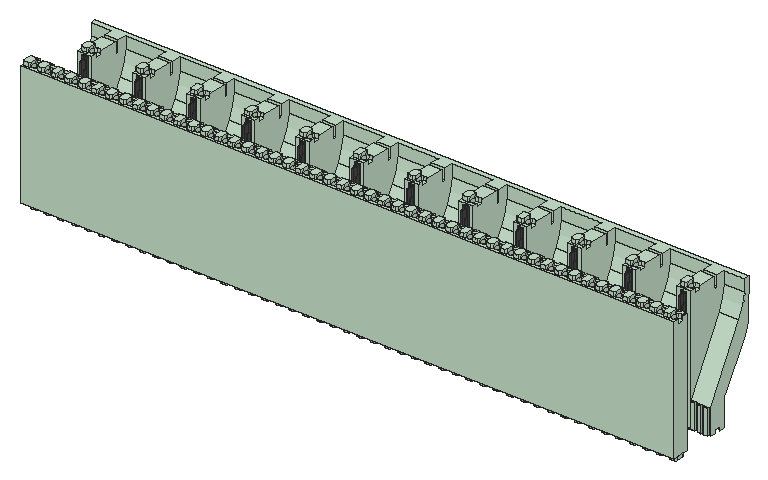
Revit family "ICF- NUDURA 4-inch- Brick Ledge Form Unit- Imperial", category Generic Models, Revit 2011
Parameters (values of type "Standard 6" Form Unit")
  Core Thickness = 0' - 6"
Reference planes (in)
  plane 1 "Center (Front/Back)": y = 0
  plane 2: z = 0
  plane 3 "Center (Left/Right)": x = 0
  plane 4: x = 96
  plane 5: y = 2
  plane 6: y = -2
  plane 7: y = 4.625
  plane 8: y = -4.625
  plane 9: z = 18
  plane 10: z = 18.5
  plane 11: z = -0.5
Forms (in)
  Extrusion 1, solid, material "NUDURA Expanded Polystyrene Foam Insulation"
    sketch origin (0, 0, 0) x (1, 0, 0) y (0, 1, 0)
      loop
        line (0.28117, -2.25) -> (0, -2.25) -> (0, -4.625) -> (96, -4.625) -> (96, -2.25) -> (95.71883, -2.25) -> (95.78117, -2) -> (95.21883, -2) -> (95.28117, -2.25) -> (94.71883, -2.25) -> (94.78117, -2) -> (94.21883, -2) -> (94.28117, -2.25) -> (93.71883, -2.25) -> (93.78117, -2) -> (93.21883, -2) -> (93.28117, -2.25) -> (90.71883, -2.25) -> (90.78117, -2) -> (90.21883, -2) -> (90.28117, -2.25) -> (89.71883, -2.25) -> (89.78117, -2) -> (89.21883, -2) -> (89.28117, -2.25) -> (88.71883, -2.25) -> (88.78117, -2) -> (88.21883, -2) -> (88.28117, -2.25) -> (87.71883, -2.25) -> (87.78117, -2) -> (87.21883, -2) -> (87.28117, -2.25) -> (86.71883, -2.25) -> (86.78117, -2) -> (86.21883, -2) -> (86.28117, -2.25) -> (85.71883, -2.25) -> (85.78117, -2) -> (85.21883, -2) -> (85.28117, -2.25) -> (82.71883, -2.25) -> (82.78117, -2) -> (82.21883, -2) -> (82.28117, -2.25) -> (81.71883, -2.25) -> (81.78117, -2) -> (81.21883, -2) -> (81.28117, -2.25) -> (80.71883, -2.25) -> (80.78117, -2) -> (80.21883, -2) -> (80.28117, -2.25) -> (79.71883, -2.25) -> (79.78117, -2) -> (79.21883, -2) -> (79.28117, -2.25) -> (78.71883, -2.25) -> (78.78117, -2) -> (78.21883, -2) -> (78.28117, -2.25) -> (77.71883, -2.25) -> (77.78117, -2) -> (77.21883, -2) -> (77.28117, -2.25) -> (74.71883, -2.25) -> (74.78117, -2) -> (74.21883, -2) -> (74.28117, -2.25) -> (73.71883, -2.25) -> (73.78117, -2) -> (73.21883, -2) -> (73.28117, -2.25) -> (72.71883, -2.25) -> (72.78117, -2) -> (72.21883, -2) -> (72.28117, -2.25) -> (71.71883, -2.25) -> (71.78117, -2) -> (71.21883, -2) -> (71.28117, -2.25) -> (70.71883, -2.25) -> (70.78117, -2) -> (70.21883, -2) -> (70.28117, -2.25) -> (69.71883, -2.25) -> (69.78117, -2) -> (69.21883, -2) -> (69.28117, -2.25) -> (66.71883, -2.25) -> (66.78117, -2) -> (66.21883, -2) -> (66.28117, -2.25) -> (65.71883, -2.25) -> (65.78117, -2) -> (65.21883, -2) -> (65.28117, -2.25) -> (64.71883, -2.25) -> (64.78117, -2) -> (64.21883, -2) -> (64.28117, -2.25) -> (63.71883, -2.25) -> (63.78117, -2) -> (63.21883, -2) -> (63.28117, -2.25) -> (62.71883, -2.25) -> (62.78117, -2) -> (62.21883, -2) -> (62.28117, -2.25) -> (61.71883, -2.25) -> (61.78117, -2) -> (61.21883, -2) -> (61.28117, -2.25) -> (58.71883, -2.25) -> (58.78117, -2) -> (58.21883, -2) -> (58.28117, -2.25) -> (57.71883, -2.25) -> (57.78117, -2) -> (57.21883, -2) -> (57.28117, -2.25) -> (56.71883, -2.25) -> (56.78117, -2) -> (56.21883, -2) -> (56.28117, -2.25) -> (55.71883, -2.25) -> (55.78117, -2) -> (55.21883, -2) -> (55.28117, -2.25) -> (54.71883, -2.25) -> (54.78117, -2) -> (54.21883, -2) -> (54.28117, -2.25) -> (53.71883, -2.25) -> (53.78117, -2) -> (53.21883, -2) -> (53.28117, -2.25) -> (50.71883, -2.25) -> (50.78117, -2) -> (50.21883, -2) -> (50.28117, -2.25) -> (49.71883, -2.25) -> (49.78117, -2) -> (49.21883, -2) -> (49.28117, -2.25) -> (48.71883, -2.25) -> (48.78117, -2) -> (48.21883, -2) -> (48.28117, -2.25) -> (47.71883, -2.25) -> (47.78117, -2) -> (47.21883, -2) -> (47.28117, -2.25) -> (46.71883, -2.25) -> (46.78117, -2) -> (46.21883, -2) -> (46.28117, -2.25) -> (45.71883, -2.25) -> (45.78117, -2) -> (45.21883, -2) -> (45.28117, -2.25) -> (42.71883, -2.25) -> (42.78117, -2) -> (42.21883, -2) -> (42.28117, -2.25) -> (41.71883, -2.25) -> (41.78117, -2) -> (41.21883, -2) -> (41.28117, -2.25) -> (40.71883, -2.25) -> (40.78117, -2) -> (40.21883, -2) -> (40.28117, -2.25) -> (39.71883, -2.25) -> (39.78117, -2) -> (39.21883, -2) -> (39.28117, -2.25) -> (38.71883, -2.25) -> (38.78117, -2) -> (38.21883, -2) -> (38.28117, -2.25) -> (37.71883, -2.25) -> (37.78117, -2) -> (37.21883, -2) -> (37.28117, -2.25) -> (34.71883, -2.25) -> (34.78117, -2) -> (34.21883, -2) -> (34.28117, -2.25) -> (33.71883, -2.25) -> (33.78117, -2) -> (33.21883, -2) -> (33.28117, -2.25) -> (32.71883, -2.25) -> (32.78117, -2) -> (32.21883, -2) -> (32.28117, -2.25) -> (31.71883, -2.25) -> (31.78117, -2) -> (31.21883, -2) -> (31.28117, -2.25) -> (30.71883, -2.25) -> (30.78117, -2) -> (30.21883, -2) -> (30.28117, -2.25) -> (29.71883, -2.25) -> (29.78117, -2) -> (29.21883, -2) -> (29.28117, -2.25) -> (26.71883, -2.25) -> (26.78117, -2) -> (26.21883, -2) -> (26.28117, -2.25) -> (25.71883, -2.25) -> (25.78117, -2) -> (25.21883, -2) -> (25.28117, -2.25) -> (24.71883, -2.25) -> (24.78117, -2) -> (24.21883, -2) -> (24.28117, -2.25) -> (23.71883, -2.25) -> (23.78117, -2) -> (23.21883, -2) -> (23.28117, -2.25) -> (22.71883, -2.25) -> (22.78117, -2) -> (22.21883, -2) -> (22.28117, -2.25) -> (21.71883, -2.25) -> (21.78117, -2) -> (21.21883, -2) -> (21.28117, -2.25) -> (18.71883, -2.25) -> (18.78117, -2) -> (18.21883, -2) -> (18.28117, -2.25) -> (17.71883, -2.25) -> (17.78117, -2) -> (17.21883, -2) -> (17.28117, -2.25) -> (16.71883, -2.25) -> (16.78117, -2) -> (16.21883, -2) -> (16.28117, -2.25) -> (15.71883, -2.25) -> (15.78117, -2) -> (15.21883, -2) -> (15.28117, -2.25) -> (14.71883, -2.25) -> (14.78117, -2) -> (14.21883, -2) -> (14.28117, -2.25) -> (13.71883, -2.25) -> (13.78117, -2) -> (13.21883, -2) -> (13.28117, -2.25) -> (10.71883, -2.25) -> (10.78117, -2) -> (10.21883, -2) -> (10.28117, -2.25) -> (9.71883, -2.25) -> (9.78117, -2) -> (9.21883, -2) -> (9.28117, -2.25) -> (8.71883, -2.25) -> (8.78117, -2) -> (8.21883, -2) -> (8.28117, -2.25) -> (7.71883, -2.25) -> (7.78117, -2) -> (7.21883, -2) -> (7.28117, -2.25) -> (6.71883, -2.25) -> (6.78117, -2) -> (6.21883, -2) -> (6.28117, -2.25) -> (5.71883, -2.25) -> (5.78117, -2) -> (5.21883, -2) -> (5.28117, -2.25) -> (2.71883, -2.25) -> (2.78117, -2) -> (2.21883, -2) -> (2.28117, -2.25) -> (1.71883, -2.25) -> (1.78117, -2) -> (1.21883, -2) -> (1.28117, -2.25) -> (0.71883, -2.25) -> (0.78117, -2) -> (0.21883, -2) -> (0.28117, -2.25)
    from 0 to 18
  Extrusion 2, void
    sketch origin (0, 1, 0) x (1, 0, 0) y (0, 1, 0)
      loop
        arc (1, -4.89808) -> (1.04785, -5.04517) -> (1.17308, -5.13595) r 0.25
        arc (1.17308, -5.13595) -> (1.5, -5.1875) -> (1.82692, -5.13595) r 1.0625
        arc (1.82692, -5.13595) -> (1.95215, -5.04517) -> (2, -4.89808) r 0.25
        line (2, -4.89808) -> (2, -3.97692)
        arc (2, -3.97692) -> (1.98276, -3.88568) -> (1.9334, -3.80702) r 0.25
        arc (1.9334, -3.80702) -> (1.92106, -3.78736) -> (1.91675, -3.76455) r 0.0625
        line (1.91675, -3.76455) -> (1.91675, -3.41845) -> (1.74592, -3.41845) -> (1.74592, -3.64005)
        arc (1.74592, -3.64005) -> (1.72385, -3.68771) -> (1.67323, -3.70172) r 0.0625
        arc (1.67323, -3.70172) -> (1.42092, -3.69045) -> (1.17308, -3.73905) r 1.0625
        arc (1.17308, -3.73905) -> (1.04785, -3.82983) -> (1, -3.97692) r 0.25
        line (1, -3.97692) -> (1, -4.89808)
    from 18 to 17.5
  Extrusion 3, void
    sketch origin (2, 1, 0) x (1, 0, 0) y (0, 1, 0)
      loop
        arc (1, -4.89808) -> (1.04785, -5.04517) -> (1.17308, -5.13595) r 0.25
        arc (1.17308, -5.13595) -> (1.5, -5.1875) -> (1.82692, -5.13595) r 1.0625
        arc (1.82692, -5.13595) -> (1.95215, -5.04517) -> (2, -4.89808) r 0.25
        line (2, -4.89808) -> (2, -3.97692)
        arc (2, -3.97692) -> (1.98276, -3.88568) -> (1.9334, -3.80702) r 0.25
        arc (1.9334, -3.80702) -> (1.92106, -3.78736) -> (1.91675, -3.76455) r 0.0625
        line (1.91675, -3.76455) -> (1.91675, -3.41845) -> (1.74592, -3.41845) -> (1.74592, -3.64005)
        arc (1.74592, -3.64005) -> (1.72385, -3.68771) -> (1.67323, -3.70172) r 0.0625
        arc (1.67323, -3.70172) -> (1.42092, -3.69045) -> (1.17308, -3.73905) r 1.0625
        arc (1.17308, -3.73905) -> (1.04785, -3.82983) -> (1, -3.97692) r 0.25
        line (1, -3.97692) -> (1, -4.89808)
    from 18 to 17.5
  Extrusion 4, void
    sketch origin (4, 1, 0) x (1, 0, 0) y (0, 1, 0)
      loop
        arc (1, -4.89808) -> (1.04785, -5.04517) -> (1.17308, -5.13595) r 0.25
        arc (1.17308, -5.13595) -> (1.5, -5.1875) -> (1.82692, -5.13595) r 1.0625
        arc (1.82692, -5.13595) -> (1.95215, -5.04517) -> (2, -4.89808) r 0.25
        line (2, -4.89808) -> (2, -3.97692)
        arc (2, -3.97692) -> (1.98276, -3.88568) -> (1.9334, -3.80702) r 0.25
        arc (1.9334, -3.80702) -> (1.92106, -3.78736) -> (1.91675, -3.76455) r 0.0625
        line (1.91675, -3.76455) -> (1.91675, -3.41845) -> (1.74592, -3.41845) -> (1.74592, -3.64005)
        arc (1.74592, -3.64005) -> (1.72385, -3.68771) -> (1.67323, -3.70172) r 0.0625
        arc (1.67323, -3.70172) -> (1.42092, -3.69045) -> (1.17308, -3.73905) r 1.0625
        arc (1.17308, -3.73905) -> (1.04785, -3.82983) -> (1, -3.97692) r 0.25
        line (1, -3.97692) -> (1, -4.89808)
    from 18 to 17.5
  Extrusion 5, void
    sketch origin (6, 1, 0) x (1, 0, 0) y (0, 1, 0)
      loop
        arc (1, -4.89808) -> (1.04785, -5.04517) -> (1.17308, -5.13595) r 0.25
        arc (1.17308, -5.13595) -> (1.5, -5.1875) -> (1.82692, -5.13595) r 1.0625
        arc (1.82692, -5.13595) -> (1.95215, -5.04517) -> (2, -4.89808) r 0.25
        line (2, -4.89808) -> (2, -3.97692)
        arc (2, -3.97692) -> (1.98276, -3.88568) -> (1.9334, -3.80702) r 0.25
        arc (1.9334, -3.80702) -> (1.92106, -3.78736) -> (1.91675, -3.76455) r 0.0625
        line (1.91675, -3.76455) -> (1.91675, -3.41845) -> (1.74592, -3.41845) -> (1.74592, -3.64005)
        arc (1.74592, -3.64005) -> (1.72385, -3.68771) -> (1.67323, -3.70172) r 0.0625
        arc (1.67323, -3.70172) -> (1.42092, -3.69045) -> (1.17308, -3.73905) r 1.0625
        arc (1.17308, -3.73905) -> (1.04785, -3.82983) -> (1, -3.97692) r 0.25
        line (1, -3.97692) -> (1, -4.89808)
    from 18 to 17.5
  Extrusion 6, void
    sketch origin (8, 1, 0) x (1, 0, 0) y (0, 1, 0)
      loop
        arc (1, -4.89808) -> (1.04785, -5.04517) -> (1.17308, -5.13595) r 0.25
        arc (1.17308, -5.13595) -> (1.5, -5.1875) -> (1.82692, -5.13595) r 1.0625
        arc (1.82692, -5.13595) -> (1.95215, -5.04517) -> (2, -4.89808) r 0.25
        line (2, -4.89808) -> (2, -3.97692)
        arc (2, -3.97692) -> (1.98276, -3.88568) -> (1.9334, -3.80702) r 0.25
        arc (1.9334, -3.80702) -> (1.92106, -3.78736) -> (1.91675, -3.76455) r 0.0625
        line (1.91675, -3.76455) -> (1.91675, -3.41845) -> (1.74592, -3.41845) -> (1.74592, -3.64005)
        arc (1.74592, -3.64005) -> (1.72385, -3.68771) -> (1.67323, -3.70172) r 0.0625
        arc (1.67323, -3.70172) -> (1.42092, -3.69045) -> (1.17308, -3.73905) r 1.0625
        arc (1.17308, -3.73905) -> (1.04785, -3.82983) -> (1, -3.97692) r 0.25
        line (1, -3.97692) -> (1, -4.89808)
    from 18 to 17.5
  Extrusion 7, void
    sketch origin (10, 1, 0) x (1, 0, 0) y (0, 1, 0)
      loop
        arc (1, -4.89808) -> (1.04785, -5.04517) -> (1.17308, -5.13595) r 0.25
        arc (1.17308, -5.13595) -> (1.5, -5.1875) -> (1.82692, -5.13595) r 1.0625
        arc (1.82692, -5.13595) -> (1.95215, -5.04517) -> (2, -4.89808) r 0.25
        line (2, -4.89808) -> (2, -3.97692)
        arc (2, -3.97692) -> (1.98276, -3.88568) -> (1.9334, -3.80702) r 0.25
        arc (1.9334, -3.80702) -> (1.92106, -3.78736) -> (1.91675, -3.76455) r 0.0625
        line (1.91675, -3.76455) -> (1.91675, -3.41845) -> (1.74592, -3.41845) -> (1.74592, -3.64005)
        arc (1.74592, -3.64005) -> (1.72385, -3.68771) -> (1.67323, -3.70172) r 0.0625
        arc (1.67323, -3.70172) -> (1.42092, -3.69045) -> (1.17308, -3.73905) r 1.0625
        arc (1.17308, -3.73905) -> (1.04785, -3.82983) -> (1, -3.97692) r 0.25
        line (1, -3.97692) -> (1, -4.89808)
    from 18 to 17.5
  Extrusion 8, void
    sketch origin (12, 1, 0) x (1, 0, 0) y (0, 1, 0)
      loop
        arc (1, -4.89808) -> (1.04785, -5.04517) -> (1.17308, -5.13595) r 0.25
        arc (1.17308, -5.13595) -> (1.5, -5.1875) -> (1.82692, -5.13595) r 1.0625
        arc (1.82692, -5.13595) -> (1.95215, -5.04517) -> (2, -4.89808) r 0.25
        line (2, -4.89808) -> (2, -3.97692)
        arc (2, -3.97692) -> (1.98276, -3.88568) -> (1.9334, -3.80702) r 0.25
        arc (1.9334, -3.80702) -> (1.92106, -3.78736) -> (1.91675, -3.76455) r 0.0625
        line (1.91675, -3.76455) -> (1.91675, -3.41845) -> (1.74592, -3.41845) -> (1.74592, -3.64005)
        arc (1.74592, -3.64005) -> (1.72385, -3.68771) -> (1.67323, -3.70172) r 0.0625
        arc (1.67323, -3.70172) -> (1.42092, -3.69045) -> (1.17308, -3.73905) r 1.0625
        arc (1.17308, -3.73905) -> (1.04785, -3.82983) -> (1, -3.97692) r 0.25
        line (1, -3.97692) -> (1, -4.89808)
    from 18 to 17.5
  Extrusion 9, void
    sketch origin (14, 1, 0) x (1, 0, 0) y (0, 1, 0)
      loop
        arc (1, -4.89808) -> (1.04785, -5.04517) -> (1.17308, -5.13595) r 0.25
        arc (1.17308, -5.13595) -> (1.5, -5.1875) -> (1.82692, -5.13595) r 1.0625
        arc (1.82692, -5.13595) -> (1.95215, -5.04517) -> (2, -4.89808) r 0.25
        line (2, -4.89808) -> (2, -3.97692)
        arc (2, -3.97692) -> (1.98276, -3.88568) -> (1.9334, -3.80702) r 0.25
        arc (1.9334, -3.80702) -> (1.92106, -3.78736) -> (1.91675, -3.76455) r 0.0625
        line (1.91675, -3.76455) -> (1.91675, -3.41845) -> (1.74592, -3.41845) -> (1.74592, -3.64005)
        arc (1.74592, -3.64005) -> (1.72385, -3.68771) -> (1.67323, -3.70172) r 0.0625
        arc (1.67323, -3.70172) -> (1.42092, -3.69045) -> (1.17308, -3.73905) r 1.0625
        arc (1.17308, -3.73905) -> (1.04785, -3.82983) -> (1, -3.97692) r 0.25
        line (1, -3.97692) -> (1, -4.89808)
    from 18 to 17.5
  Extrusion 10, void
    sketch origin (16, 1, 0) x (1, 0, 0) y (0, 1, 0)
      loop
        arc (1, -4.89808) -> (1.04785, -5.04517) -> (1.17308, -5.13595) r 0.25
        arc (1.17308, -5.13595) -> (1.5, -5.1875) -> (1.82692, -5.13595) r 1.0625
        arc (1.82692, -5.13595) -> (1.95215, -5.04517) -> (2, -4.89808) r 0.25
        line (2, -4.89808) -> (2, -3.97692)
        arc (2, -3.97692) -> (1.98276, -3.88568) -> (1.9334, -3.80702) r 0.25
        arc (1.9334, -3.80702) -> (1.92106, -3.78736) -> (1.91675, -3.76455) r 0.0625
        line (1.91675, -3.76455) -> (1.91675, -3.41845) -> (1.74592, -3.41845) -> (1.74592, -3.64005)
        arc (1.74592, -3.64005) -> (1.72385, -3.68771) -> (1.67323, -3.70172) r 0.0625
        arc (1.67323, -3.70172) -> (1.42092, -3.69045) -> (1.17308, -3.73905) r 1.0625
        arc (1.17308, -3.73905) -> (1.04785, -3.82983) -> (1, -3.97692) r 0.25
        line (1, -3.97692) -> (1, -4.89808)
    from 18 to 17.5
  Extrusion 11, void
    sketch origin (18, 1, 0) x (1, 0, 0) y (0, 1, 0)
      loop
        arc (1, -4.89808) -> (1.04785, -5.04517) -> (1.17308, -5.13595) r 0.25
        arc (1.17308, -5.13595) -> (1.5, -5.1875) -> (1.82692, -5.13595) r 1.0625
        arc (1.82692, -5.13595) -> (1.95215, -5.04517) -> (2, -4.89808) r 0.25
        line (2, -4.89808) -> (2, -3.97692)
        arc (2, -3.97692) -> (1.98276, -3.88568) -> (1.9334, -3.80702) r 0.25
        arc (1.9334, -3.80702) -> (1.92106, -3.78736) -> (1.91675, -3.76455) r 0.0625
        line (1.91675, -3.76455) -> (1.91675, -3.41845) -> (1.74592, -3.41845) -> (1.74592, -3.64005)
        arc (1.74592, -3.64005) -> (1.72385, -3.68771) -> (1.67323, -3.70172) r 0.0625
        arc (1.67323, -3.70172) -> (1.42092, -3.69045) -> (1.17308, -3.73905) r 1.0625
        arc (1.17308, -3.73905) -> (1.04785, -3.82983) -> (1, -3.97692) r 0.25
        line (1, -3.97692) -> (1, -4.89808)
    from 18 to 17.5
  Extrusion 12, void
    sketch origin (20, 1, 0) x (1, 0, 0) y (0, 1, 0)
      loop
        arc (1, -4.89808) -> (1.04785, -5.04517) -> (1.17308, -5.13595) r 0.25
        arc (1.17308, -5.13595) -> (1.5, -5.1875) -> (1.82692, -5.13595) r 1.0625
        arc (1.82692, -5.13595) -> (1.95215, -5.04517) -> (2, -4.89808) r 0.25
        line (2, -4.89808) -> (2, -3.97692)
        arc (2, -3.97692) -> (1.98276, -3.88568) -> (1.9334, -3.80702) r 0.25
        arc (1.9334, -3.80702) -> (1.92106, -3.78736) -> (1.91675, -3.76455) r 0.0625
        line (1.91675, -3.76455) -> (1.91675, -3.41845) -> (1.74592, -3.41845) -> (1.74592, -3.64005)
        arc (1.74592, -3.64005) -> (1.72385, -3.68771) -> (1.67323, -3.70172) r 0.0625
        arc (1.67323, -3.70172) -> (1.42092, -3.69045) -> (1.17308, -3.73905) r 1.0625
        arc (1.17308, -3.73905) -> (1.04785, -3.82983) -> (1, -3.97692) r 0.25
        line (1, -3.97692) -> (1, -4.89808)
    from 18 to 17.5
  Extrusion 13, void
    sketch origin (22, 1, 0) x (1, 0, 0) y (0, 1, 0)
      loop
        arc (1, -4.89808) -> (1.04785, -5.04517) -> (1.17308, -5.13595) r 0.25
        arc (1.17308, -5.13595) -> (1.5, -5.1875) -> (1.82692, -5.13595) r 1.0625
        arc (1.82692, -5.13595) -> (1.95215, -5.04517) -> (2, -4.89808) r 0.25
        line (2, -4.89808) -> (2, -3.97692)
        arc (2, -3.97692) -> (1.98276, -3.88568) -> (1.9334, -3.80702) r 0.25
        arc (1.9334, -3.80702) -> (1.92106, -3.78736) -> (1.91675, -3.76455) r 0.0625
        line (1.91675, -3.76455) -> (1.91675, -3.41845) -> (1.74592, -3.41845) -> (1.74592, -3.64005)
        arc (1.74592, -3.64005) -> (1.72385, -3.68771) -> (1.67323, -3.70172) r 0.0625
        arc (1.67323, -3.70172) -> (1.42092, -3.69045) -> (1.17308, -3.73905) r 1.0625
        arc (1.17308, -3.73905) -> (1.04785, -3.82983) -> (1, -3.97692) r 0.25
        line (1, -3.97692) -> (1, -4.89808)
    from 18 to 17.5
  Extrusion 14, void
    sketch origin (24, 1, 0) x (1, 0, 0) y (0, 1, 0)
      loop
        arc (1, -4.89808) -> (1.04785, -5.04517) -> (1.17308, -5.13595) r 0.25
        arc (1.17308, -5.13595) -> (1.5, -5.1875) -> (1.82692, -5.13595) r 1.0625
        arc (1.82692, -5.13595) -> (1.95215, -5.04517) -> (2, -4.89808) r 0.25
        line (2, -4.89808) -> (2, -3.97692)
        arc (2, -3.97692) -> (1.98276, -3.88568) -> (1.9334, -3.80702) r 0.25
        arc (1.9334, -3.80702) -> (1.92106, -3.78736) -> (1.91675, -3.76455) r 0.0625
        line (1.91675, -3.76455) -> (1.91675, -3.41845) -> (1.74592, -3.41845) -> (1.74592, -3.64005)
        arc (1.74592, -3.64005) -> (1.72385, -3.68771) -> (1.67323, -3.70172) r 0.0625
        arc (1.67323, -3.70172) -> (1.42092, -3.69045) -> (1.17308, -3.73905) r 1.0625
        arc (1.17308, -3.73905) -> (1.04785, -3.82983) -> (1, -3.97692) r 0.25
        line (1, -3.97692) -> (1, -4.89808)
    from 18 to 17.5
  Extrusion 15, void
    sketch origin (26, 1, 0) x (1, 0, 0) y (0, 1, 0)
      loop
        arc (1, -4.89808) -> (1.04785, -5.04517) -> (1.17308, -5.13595) r 0.25
        arc (1.17308, -5.13595) -> (1.5, -5.1875) -> (1.82692, -5.13595) r 1.0625
        arc (1.82692, -5.13595) -> (1.95215, -5.04517) -> (2, -4.89808) r 0.25
        line (2, -4.89808) -> (2, -3.97692)
        arc (2, -3.97692) -> (1.98276, -3.88568) -> (1.9334, -3.80702) r 0.25
        arc (1.9334, -3.80702) -> (1.92106, -3.78736) -> (1.91675, -3.76455) r 0.0625
        line (1.91675, -3.76455) -> (1.91675, -3.41845) -> (1.74592, -3.41845) -> (1.74592, -3.64005)
        arc (1.74592, -3.64005) -> (1.72385, -3.68771) -> (1.67323, -3.70172) r 0.0625
        arc (1.67323, -3.70172) -> (1.42092, -3.69045) -> (1.17308, -3.73905) r 1.0625
        arc (1.17308, -3.73905) -> (1.04785, -3.82983) -> (1, -3.97692) r 0.25
        line (1, -3.97692) -> (1, -4.89808)
    from 18 to 17.5
  Extrusion 16, void
    sketch origin (28, 1, 0) x (1, 0, 0) y (0, 1, 0)
      loop
        arc (1, -4.89808) -> (1.04785, -5.04517) -> (1.17308, -5.13595) r 0.25
        arc (1.17308, -5.13595) -> (1.5, -5.1875) -> (1.82692, -5.13595) r 1.0625
        arc (1.82692, -5.13595) -> (1.95215, -5.04517) -> (2, -4.89808) r 0.25
        line (2, -4.89808) -> (2, -3.97692)
        arc (2, -3.97692) -> (1.98276, -3.88568) -> (1.9334, -3.80702) r 0.25
        arc (1.9334, -3.80702) -> (1.92106, -3.78736) -> (1.91675, -3.76455) r 0.0625
        line (1.91675, -3.76455) -> (1.91675, -3.41845) -> (1.74592, -3.41845) -> (1.74592, -3.64005)
        arc (1.74592, -3.64005) -> (1.72385, -3.68771) -> (1.67323, -3.70172) r 0.0625
        arc (1.67323, -3.70172) -> (1.42092, -3.69045) -> (1.17308, -3.73905) r 1.0625
        arc (1.17308, -3.73905) -> (1.04785, -3.82983) -> (1, -3.97692) r 0.25
        line (1, -3.97692) -> (1, -4.89808)
    from 18 to 17.5
  Extrusion 17, void
    sketch origin (30, 1, 0) x (1, 0, 0) y (0, 1, 0)
      loop
        arc (1, -4.89808) -> (1.04785, -5.04517) -> (1.17308, -5.13595) r 0.25
        arc (1.17308, -5.13595) -> (1.5, -5.1875) -> (1.82692, -5.13595) r 1.0625
        arc (1.82692, -5.13595) -> (1.95215, -5.04517) -> (2, -4.89808) r 0.25
        line (2, -4.89808) -> (2, -3.97692)
        arc (2, -3.97692) -> (1.98276, -3.88568) -> (1.9334, -3.80702) r 0.25
        arc (1.9334, -3.80702) -> (1.92106, -3.78736) -> (1.91675, -3.76455) r 0.0625
        line (1.91675, -3.76455) -> (1.91675, -3.41845) -> (1.74592, -3.41845) -> (1.74592, -3.64005)
        arc (1.74592, -3.64005) -> (1.72385, -3.68771) -> (1.67323, -3.70172) r 0.0625
        arc (1.67323, -3.70172) -> (1.42092, -3.69045) -> (1.17308, -3.73905) r 1.0625
        arc (1.17308, -3.73905) -> (1.04785, -3.82983) -> (1, -3.97692) r 0.25
        line (1, -3.97692) -> (1, -4.89808)
    from 18 to 17.5
  Extrusion 18, void
    sketch origin (32, 1, 0) x (1, 0, 0) y (0, 1, 0)
      loop
        arc (1, -4.89808) -> (1.04785, -5.04517) -> (1.17308, -5.13595) r 0.25
        arc (1.17308, -5.13595) -> (1.5, -5.1875) -> (1.82692, -5.13595) r 1.0625
        arc (1.82692, -5.13595) -> (1.95215, -5.04517) -> (2, -4.89808) r 0.25
        line (2, -4.89808) -> (2, -3.97692)
        arc (2, -3.97692) -> (1.98276, -3.88568) -> (1.9334, -3.80702) r 0.25
        arc (1.9334, -3.80702) -> (1.92106, -3.78736) -> (1.91675, -3.76455) r 0.0625
        line (1.91675, -3.76455) -> (1.91675, -3.41845) -> (1.74592, -3.41845) -> (1.74592, -3.64005)
        arc (1.74592, -3.64005) -> (1.72385, -3.68771) -> (1.67323, -3.70172) r 0.0625
        arc (1.67323, -3.70172) -> (1.42092, -3.69045) -> (1.17308, -3.73905) r 1.0625
        arc (1.17308, -3.73905) -> (1.04785, -3.82983) -> (1, -3.97692) r 0.25
        line (1, -3.97692) -> (1, -4.89808)
    from 18 to 17.5
  Extrusion 19, void
    sketch origin (34, 1, 0) x (1, 0, 0) y (0, 1, 0)
      loop
        arc (1, -4.89808) -> (1.04785, -5.04517) -> (1.17308, -5.13595) r 0.25
        arc (1.17308, -5.13595) -> (1.5, -5.1875) -> (1.82692, -5.13595) r 1.0625
        arc (1.82692, -5.13595) -> (1.95215, -5.04517) -> (2, -4.89808) r 0.25
        line (2, -4.89808) -> (2, -3.97692)
        arc (2, -3.97692) -> (1.98276, -3.88568) -> (1.9334, -3.80702) r 0.25
        arc (1.9334, -3.80702) -> (1.92106, -3.78736) -> (1.91675, -3.76455) r 0.0625
        line (1.91675, -3.76455) -> (1.91675, -3.41845) -> (1.74592, -3.41845) -> (1.74592, -3.64005)
        arc (1.74592, -3.64005) -> (1.72385, -3.68771) -> (1.67323, -3.70172) r 0.0625
        arc (1.67323, -3.70172) -> (1.42092, -3.69045) -> (1.17308, -3.73905) r 1.0625
        arc (1.17308, -3.73905) -> (1.04785, -3.82983) -> (1, -3.97692) r 0.25
        line (1, -3.97692) -> (1, -4.89808)
    from 18 to 17.5
  Extrusion 20, void
    sketch origin (36, 1, 0) x (1, 0, 0) y (0, 1, 0)
      loop
        arc (1, -4.89808) -> (1.04785, -5.04517) -> (1.17308, -5.13595) r 0.25
        arc (1.17308, -5.13595) -> (1.5, -5.1875) -> (1.82692, -5.13595) r 1.0625
        arc (1.82692, -5.13595) -> (1.95215, -5.04517) -> (2, -4.89808) r 0.25
        line (2, -4.89808) -> (2, -3.97692)
        arc (2, -3.97692) -> (1.98276, -3.88568) -> (1.9334, -3.80702) r 0.25
        arc (1.9334, -3.80702) -> (1.92106, -3.78736) -> (1.91675, -3.76455) r 0.0625
        line (1.91675, -3.76455) -> (1.91675, -3.41845) -> (1.74592, -3.41845) -> (1.74592, -3.64005)
        arc (1.74592, -3.64005) -> (1.72385, -3.68771) -> (1.67323, -3.70172) r 0.0625
        arc (1.67323, -3.70172) -> (1.42092, -3.69045) -> (1.17308, -3.73905) r 1.0625
        arc (1.17308, -3.73905) -> (1.04785, -3.82983) -> (1, -3.97692) r 0.25
        line (1, -3.97692) -> (1, -4.89808)
    from 18 to 17.5
  Extrusion 21, void
    sketch origin (38, 1, 0) x (1, 0, 0) y (0, 1, 0)
      loop
        arc (1, -4.89808) -> (1.04785, -5.04517) -> (1.17308, -5.13595) r 0.25
        arc (1.17308, -5.13595) -> (1.5, -5.1875) -> (1.82692, -5.13595) r 1.0625
        arc (1.82692, -5.13595) -> (1.95215, -5.04517) -> (2, -4.89808) r 0.25
        line (2, -4.89808) -> (2, -3.97692)
        arc (2, -3.97692) -> (1.98276, -3.88568) -> (1.9334, -3.80702) r 0.25
        arc (1.9334, -3.80702) -> (1.92106, -3.78736) -> (1.91675, -3.76455) r 0.0625
        line (1.91675, -3.76455) -> (1.91675, -3.41845) -> (1.74592, -3.41845) -> (1.74592, -3.64005)
        arc (1.74592, -3.64005) -> (1.72385, -3.68771) -> (1.67323, -3.70172) r 0.0625
        arc (1.67323, -3.70172) -> (1.42092, -3.69045) -> (1.17308, -3.73905) r 1.0625
        arc (1.17308, -3.73905) -> (1.04785, -3.82983) -> (1, -3.97692) r 0.25
        line (1, -3.97692) -> (1, -4.89808)
    from 18 to 17.5
  Extrusion 22, void
    sketch origin (40, 1, 0) x (1, 0, 0) y (0, 1, 0)
      loop
        arc (1, -4.89808) -> (1.04785, -5.04517) -> (1.17308, -5.13595) r 0.25
        arc (1.17308, -5.13595) -> (1.5, -5.1875) -> (1.82692, -5.13595) r 1.0625
        arc (1.82692, -5.13595) -> (1.95215, -5.04517) -> (2, -4.89808) r 0.25
        line (2, -4.89808) -> (2, -3.97692)
        arc (2, -3.97692) -> (1.98276, -3.88568) -> (1.9334, -3.80702) r 0.25
        arc (1.9334, -3.80702) -> (1.92106, -3.78736) -> (1.91675, -3.76455) r 0.0625
        line (1.91675, -3.76455) -> (1.91675, -3.41845) -> (1.74592, -3.41845) -> (1.74592, -3.64005)
        arc (1.74592, -3.64005) -> (1.72385, -3.68771) -> (1.67323, -3.70172) r 0.0625
        arc (1.67323, -3.70172) -> (1.42092, -3.69045) -> (1.17308, -3.73905) r 1.0625
        arc (1.17308, -3.73905) -> (1.04785, -3.82983) -> (1, -3.97692) r 0.25
        line (1, -3.97692) -> (1, -4.89808)
    from 18 to 17.5
  Extrusion 23, void
    sketch origin (42, 1, 0) x (1, 0, 0) y (0, 1, 0)
      loop
        arc (1, -4.89808) -> (1.04785, -5.04517) -> (1.17308, -5.13595) r 0.25
        arc (1.17308, -5.13595) -> (1.5, -5.1875) -> (1.82692, -5.13595) r 1.0625
        arc (1.82692, -5.13595) -> (1.95215, -5.04517) -> (2, -4.89808) r 0.25
        line (2, -4.89808) -> (2, -3.97692)
        arc (2, -3.97692) -> (1.98276, -3.88568) -> (1.9334, -3.80702) r 0.25
        arc (1.9334, -3.80702) -> (1.92106, -3.78736) -> (1.91675, -3.76455) r 0.0625
        line (1.91675, -3.76455) -> (1.91675, -3.41845) -> (1.74592, -3.41845) -> (1.74592, -3.64005)
        arc (1.74592, -3.64005) -> (1.72385, -3.68771) -> (1.67323, -3.70172) r 0.0625
        arc (1.67323, -3.70172) -> (1.42092, -3.69045) -> (1.17308, -3.73905) r 1.0625
        arc (1.17308, -3.73905) -> (1.04785, -3.82983) -> (1, -3.97692) r 0.25
        line (1, -3.97692) -> (1, -4.89808)
    from 18 to 17.5
  Extrusion 24, void
    sketch origin (44, 1, 0) x (1, 0, 0) y (0, 1, 0)
      loop
        arc (1, -4.89808) -> (1.04785, -5.04517) -> (1.17308, -5.13595) r 0.25
        arc (1.17308, -5.13595) -> (1.5, -5.1875) -> (1.82692, -5.13595) r 1.0625
        arc (1.82692, -5.13595) -> (1.95215, -5.04517) -> (2, -4.89808) r 0.25
        line (2, -4.89808) -> (2, -3.97692)
        arc (2, -3.97692) -> (1.98276, -3.88568) -> (1.9334, -3.80702) r 0.25
        arc (1.9334, -3.80702) -> (1.92106, -3.78736) -> (1.91675, -3.76455) r 0.0625
        line (1.91675, -3.76455) -> (1.91675, -3.41845) -> (1.74592, -3.41845) -> (1.74592, -3.64005)
        arc (1.74592, -3.64005) -> (1.72385, -3.68771) -> (1.67323, -3.70172) r 0.0625
        arc (1.67323, -3.70172) -> (1.42092, -3.69045) -> (1.17308, -3.73905) r 1.0625
        arc (1.17308, -3.73905) -> (1.04785, -3.82983) -> (1, -3.97692) r 0.25
        line (1, -3.97692) -> (1, -4.89808)
    from 18 to 17.5
  Extrusion 25, void
    sketch origin (46, 1, 0) x (1, 0, 0) y (0, 1, 0)
      loop
        arc (1, -4.89808) -> (1.04785, -5.04517) -> (1.17308, -5.13595) r 0.25
        arc (1.17308, -5.13595) -> (1.5, -5.1875) -> (1.82692, -5.13595) r 1.0625
        arc (1.82692, -5.13595) -> (1.95215, -5.04517) -> (2, -4.89808) r 0.25
        line (2, -4.89808) -> (2, -3.97692)
        arc (2, -3.97692) -> (1.98276, -3.88568) -> (1.9334, -3.80702) r 0.25
        arc (1.9334, -3.80702) -> (1.92106, -3.78736) -> (1.91675, -3.76455) r 0.0625
        line (1.91675, -3.76455) -> (1.91675, -3.41845) -> (1.74592, -3.41845) -> (1.74592, -3.64005)
        arc (1.74592, -3.64005) -> (1.72385, -3.68771) -> (1.67323, -3.70172) r 0.0625
        arc (1.67323, -3.70172) -> (1.42092, -3.69045) -> (1.17308, -3.73905) r 1.0625
        arc (1.17308, -3.73905) -> (1.04785, -3.82983) -> (1, -3.97692) r 0.25
        line (1, -3.97692) -> (1, -4.89808)
    from 18 to 17.5
  Extrusion 26, void
    sketch origin (48, 1, 0) x (1, 0, 0) y (0, 1, 0)
      loop
        arc (1, -4.89808) -> (1.04785, -5.04517) -> (1.17308, -5.13595) r 0.25
        arc (1.17308, -5.13595) -> (1.5, -5.1875) -> (1.82692, -5.13595) r 1.0625
        arc (1.82692, -5.13595) -> (1.95215, -5.04517) -> (2, -4.89808) r 0.25
        line (2, -4.89808) -> (2, -3.97692)
        arc (2, -3.97692) -> (1.98276, -3.88568) -> (1.9334, -3.80702) r 0.25
        arc (1.9334, -3.80702) -> (1.92106, -3.78736) -> (1.91675, -3.76455) r 0.0625
        line (1.91675, -3.76455) -> (1.91675, -3.41845) -> (1.74592, -3.41845) -> (1.74592, -3.64005)
        arc (1.74592, -3.64005) -> (1.72385, -3.68771) -> (1.67323, -3.70172) r 0.0625
        arc (1.67323, -3.70172) -> (1.42092, -3.69045) -> (1.17308, -3.73905) r 1.0625
        arc (1.17308, -3.73905) -> (1.04785, -3.82983) -> (1, -3.97692) r 0.25
        line (1, -3.97692) -> (1, -4.89808)
    from 18 to 17.5
  Extrusion 27, void
    sketch origin (50, 1, 0) x (1, 0, 0) y (0, 1, 0)
      loop
        arc (1, -4.89808) -> (1.04785, -5.04517) -> (1.17308, -5.13595) r 0.25
        arc (1.17308, -5.13595) -> (1.5, -5.1875) -> (1.82692, -5.13595) r 1.0625
        arc (1.82692, -5.13595) -> (1.95215, -5.04517) -> (2, -4.89808) r 0.25
        line (2, -4.89808) -> (2, -3.97692)
        arc (2, -3.97692) -> (1.98276, -3.88568) -> (1.9334, -3.80702) r 0.25
        arc (1.9334, -3.80702) -> (1.92106, -3.78736) -> (1.91675, -3.76455) r 0.0625
        line (1.91675, -3.76455) -> (1.91675, -3.41845) -> (1.74592, -3.41845) -> (1.74592, -3.64005)
        arc (1.74592, -3.64005) -> (1.72385, -3.68771) -> (1.67323, -3.70172) r 0.0625
        arc (1.67323, -3.70172) -> (1.42092, -3.69045) -> (1.17308, -3.73905) r 1.0625
        arc (1.17308, -3.73905) -> (1.04785, -3.82983) -> (1, -3.97692) r 0.25
        line (1, -3.97692) -> (1, -4.89808)
    from 18 to 17.5
  Extrusion 28, void
    sketch origin (52, 1, 0) x (1, 0, 0) y (0, 1, 0)
      loop
        arc (1, -4.89808) -> (1.04785, -5.04517) -> (1.17308, -5.13595) r 0.25
        arc (1.17308, -5.13595) -> (1.5, -5.1875) -> (1.82692, -5.13595) r 1.0625
        arc (1.82692, -5.13595) -> (1.95215, -5.04517) -> (2, -4.89808) r 0.25
        line (2, -4.89808) -> (2, -3.97692)
        arc (2, -3.97692) -> (1.98276, -3.88568) -> (1.9334, -3.80702) r 0.25
        arc (1.9334, -3.80702) -> (1.92106, -3.78736) -> (1.91675, -3.76455) r 0.0625
        line (1.91675, -3.76455) -> (1.91675, -3.41845) -> (1.74592, -3.41845) -> (1.74592, -3.64005)
        arc (1.74592, -3.64005) -> (1.72385, -3.68771) -> (1.67323, -3.70172) r 0.0625
        arc (1.67323, -3.70172) -> (1.42092, -3.69045) -> (1.17308, -3.73905) r 1.0625
        arc (1.17308, -3.73905) -> (1.04785, -3.82983) -> (1, -3.97692) r 0.25
        line (1, -3.97692) -> (1, -4.89808)
    from 18 to 17.5
  Extrusion 29, void
    sketch origin (54, 1, 0) x (1, 0, 0) y (0, 1, 0)
      loop
        arc (1, -4.89808) -> (1.04785, -5.04517) -> (1.17308, -5.13595) r 0.25
        arc (1.17308, -5.13595) -> (1.5, -5.1875) -> (1.82692, -5.13595) r 1.0625
        arc (1.82692, -5.13595) -> (1.95215, -5.04517) -> (2, -4.89808) r 0.25
        line (2, -4.89808) -> (2, -3.97692)
        arc (2, -3.97692) -> (1.98276, -3.88568) -> (1.9334, -3.80702) r 0.25
        arc (1.9334, -3.80702) -> (1.92106, -3.78736) -> (1.91675, -3.76455) r 0.0625
        line (1.91675, -3.76455) -> (1.91675, -3.41845) -> (1.74592, -3.41845) -> (1.74592, -3.64005)
        arc (1.74592, -3.64005) -> (1.72385, -3.68771) -> (1.67323, -3.70172) r 0.0625
        arc (1.67323, -3.70172) -> (1.42092, -3.69045) -> (1.17308, -3.73905) r 1.0625
        arc (1.17308, -3.73905) -> (1.04785, -3.82983) -> (1, -3.97692) r 0.25
        line (1, -3.97692) -> (1, -4.89808)
    from 18 to 17.5
  Extrusion 30, void
    sketch origin (56, 1, 0) x (1, 0, 0) y (0, 1, 0)
      loop
        arc (1, -4.89808) -> (1.04785, -5.04517) -> (1.17308, -5.13595) r 0.25
        arc (1.17308, -5.13595) -> (1.5, -5.1875) -> (1.82692, -5.13595) r 1.0625
        arc (1.82692, -5.13595) -> (1.95215, -5.04517) -> (2, -4.89808) r 0.25
        line (2, -4.89808) -> (2, -3.97692)
        arc (2, -3.97692) -> (1.98276, -3.88568) -> (1.9334, -3.80702) r 0.25
        arc (1.9334, -3.80702) -> (1.92106, -3.78736) -> (1.91675, -3.76455) r 0.0625
        line (1.91675, -3.76455) -> (1.91675, -3.41845) -> (1.74592, -3.41845) -> (1.74592, -3.64005)
        arc (1.74592, -3.64005) -> (1.72385, -3.68771) -> (1.67323, -3.70172) r 0.0625
        arc (1.67323, -3.70172) -> (1.42092, -3.69045) -> (1.17308, -3.73905) r 1.0625
        arc (1.17308, -3.73905) -> (1.04785, -3.82983) -> (1, -3.97692) r 0.25
        line (1, -3.97692) -> (1, -4.89808)
    from 18 to 17.5
  Extrusion 31, void
    sketch origin (58, 1, 0) x (1, 0, 0) y (0, 1, 0)
      loop
        arc (1, -4.89808) -> (1.04785, -5.04517) -> (1.17308, -5.13595) r 0.25
        arc (1.17308, -5.13595) -> (1.5, -5.1875) -> (1.82692, -5.13595) r 1.0625
        arc (1.82692, -5.13595) -> (1.95215, -5.04517) -> (2, -4.89808) r 0.25
        line (2, -4.89808) -> (2, -3.97692)
        arc (2, -3.97692) -> (1.98276, -3.88568) -> (1.9334, -3.80702) r 0.25
        arc (1.9334, -3.80702) -> (1.92106, -3.78736) -> (1.91675, -3.76455) r 0.0625
        line (1.91675, -3.76455) -> (1.91675, -3.41845) -> (1.74592, -3.41845) -> (1.74592, -3.64005)
        arc (1.74592, -3.64005) -> (1.72385, -3.68771) -> (1.67323, -3.70172) r 0.0625
        arc (1.67323, -3.70172) -> (1.42092, -3.69045) -> (1.17308, -3.73905) r 1.0625
        arc (1.17308, -3.73905) -> (1.04785, -3.82983) -> (1, -3.97692) r 0.25
        line (1, -3.97692) -> (1, -4.89808)
    from 18 to 17.5
  Extrusion 32, void
    sketch origin (60, 1, 0) x (1, 0, 0) y (0, 1, 0)
      loop
        arc (1, -4.89808) -> (1.04785, -5.04517) -> (1.17308, -5.13595) r 0.25
        arc (1.17308, -5.13595) -> (1.5, -5.1875) -> (1.82692, -5.13595) r 1.0625
        arc (1.82692, -5.13595) -> (1.95215, -5.04517) -> (2, -4.89808) r 0.25
        line (2, -4.89808) -> (2, -3.97692)
        arc (2, -3.97692) -> (1.98276, -3.88568) -> (1.9334, -3.80702) r 0.25
        arc (1.9334, -3.80702) -> (1.92106, -3.78736) -> (1.91675, -3.76455) r 0.0625
        line (1.91675, -3.76455) -> (1.91675, -3.41845) -> (1.74592, -3.41845) -> (1.74592, -3.64005)
        arc (1.74592, -3.64005) -> (1.72385, -3.68771) -> (1.67323, -3.70172) r 0.0625
        arc (1.67323, -3.70172) -> (1.42092, -3.69045) -> (1.17308, -3.73905) r 1.0625
        arc (1.17308, -3.73905) -> (1.04785, -3.82983) -> (1, -3.97692) r 0.25
        line (1, -3.97692) -> (1, -4.89808)
    from 18 to 17.5
  Extrusion 33, void
    sketch origin (62, 1, 0) x (1, 0, 0) y (0, 1, 0)
      loop
        arc (1, -4.89808) -> (1.04785, -5.04517) -> (1.17308, -5.13595) r 0.25
        arc (1.17308, -5.13595) -> (1.5, -5.1875) -> (1.82692, -5.13595) r 1.0625
        arc (1.82692, -5.13595) -> (1.95215, -5.04517) -> (2, -4.89808) r 0.25
        line (2, -4.89808) -> (2, -3.97692)
        arc (2, -3.97692) -> (1.98276, -3.88568) -> (1.9334, -3.80702) r 0.25
        arc (1.9334, -3.80702) -> (1.92106, -3.78736) -> (1.91675, -3.76455) r 0.0625
        line (1.91675, -3.76455) -> (1.91675, -3.41845) -> (1.74592, -3.41845) -> (1.74592, -3.64005)
        arc (1.74592, -3.64005) -> (1.72385, -3.68771) -> (1.67323, -3.70172) r 0.0625
        arc (1.67323, -3.70172) -> (1.42092, -3.69045) -> (1.17308, -3.73905) r 1.0625
        arc (1.17308, -3.73905) -> (1.04785, -3.82983) -> (1, -3.97692) r 0.25
        line (1, -3.97692) -> (1, -4.89808)
    from 18 to 17.5
  Extrusion 34, void
    sketch origin (64, 1, 0) x (1, 0, 0) y (0, 1, 0)
      loop
        arc (1, -4.89808) -> (1.04785, -5.04517) -> (1.17308, -5.13595) r 0.25
        arc (1.17308, -5.13595) -> (1.5, -5.1875) -> (1.82692, -5.13595) r 1.0625
        arc (1.82692, -5.13595) -> (1.95215, -5.04517) -> (2, -4.89808) r 0.25
        line (2, -4.89808) -> (2, -3.97692)
        arc (2, -3.97692) -> (1.98276, -3.88568) -> (1.9334, -3.80702) r 0.25
        arc (1.9334, -3.80702) -> (1.92106, -3.78736) -> (1.91675, -3.76455) r 0.0625
        line (1.91675, -3.76455) -> (1.91675, -3.41845) -> (1.74592, -3.41845) -> (1.74592, -3.64005)
        arc (1.74592, -3.64005) -> (1.72385, -3.68771) -> (1.67323, -3.70172) r 0.0625
        arc (1.67323, -3.70172) -> (1.42092, -3.69045) -> (1.17308, -3.73905) r 1.0625
        arc (1.17308, -3.73905) -> (1.04785, -3.82983) -> (1, -3.97692) r 0.25
        line (1, -3.97692) -> (1, -4.89808)
    from 18 to 17.5
  Extrusion 35, void
    sketch origin (66, 1, 0) x (1, 0, 0) y (0, 1, 0)
      loop
        arc (1, -4.89808) -> (1.04785, -5.04517) -> (1.17308, -5.13595) r 0.25
        arc (1.17308, -5.13595) -> (1.5, -5.1875) -> (1.82692, -5.13595) r 1.0625
        arc (1.82692, -5.13595) -> (1.95215, -5.04517) -> (2, -4.89808) r 0.25
        line (2, -4.89808) -> (2, -3.97692)
        arc (2, -3.97692) -> (1.98276, -3.88568) -> (1.9334, -3.80702) r 0.25
        arc (1.9334, -3.80702) -> (1.92106, -3.78736) -> (1.91675, -3.76455) r 0.0625
        line (1.91675, -3.76455) -> (1.91675, -3.41845) -> (1.74592, -3.41845) -> (1.74592, -3.64005)
        arc (1.74592, -3.64005) -> (1.72385, -3.68771) -> (1.67323, -3.70172) r 0.0625
        arc (1.67323, -3.70172) -> (1.42092, -3.69045) -> (1.17308, -3.73905) r 1.0625
        arc (1.17308, -3.73905) -> (1.04785, -3.82983) -> (1, -3.97692) r 0.25
        line (1, -3.97692) -> (1, -4.89808)
    from 18 to 17.5
  Extrusion 36, void
    sketch origin (68, 1, 0) x (1, 0, 0) y (0, 1, 0)
      loop
        arc (1, -4.89808) -> (1.04785, -5.04517) -> (1.17308, -5.13595) r 0.25
        arc (1.17308, -5.13595) -> (1.5, -5.1875) -> (1.82692, -5.13595) r 1.0625
        arc (1.82692, -5.13595) -> (1.95215, -5.04517) -> (2, -4.89808) r 0.25
        line (2, -4.89808) -> (2, -3.97692)
        arc (2, -3.97692) -> (1.98276, -3.88568) -> (1.9334, -3.80702) r 0.25
        arc (1.9334, -3.80702) -> (1.92106, -3.78736) -> (1.91675, -3.76455) r 0.0625
        line (1.91675, -3.76455) -> (1.91675, -3.41845) -> (1.74592, -3.41845) -> (1.74592, -3.64005)
        arc (1.74592, -3.64005) -> (1.72385, -3.68771) -> (1.67323, -3.70172) r 0.0625
        arc (1.67323, -3.70172) -> (1.42092, -3.69045) -> (1.17308, -3.73905) r 1.0625
        arc (1.17308, -3.73905) -> (1.04785, -3.82983) -> (1, -3.97692) r 0.25
        line (1, -3.97692) -> (1, -4.89808)
    from 18 to 17.5
  Extrusion 37, void
    sketch origin (70, 1, 0) x (1, 0, 0) y (0, 1, 0)
      loop
        arc (1, -4.89808) -> (1.04785, -5.04517) -> (1.17308, -5.13595) r 0.25
        arc (1.17308, -5.13595) -> (1.5, -5.1875) -> (1.82692, -5.13595) r 1.0625
        arc (1.82692, -5.13595) -> (1.95215, -5.04517) -> (2, -4.89808) r 0.25
        line (2, -4.89808) -> (2, -3.97692)
        arc (2, -3.97692) -> (1.98276, -3.88568) -> (1.9334, -3.80702) r 0.25
        arc (1.9334, -3.80702) -> (1.92106, -3.78736) -> (1.91675, -3.76455) r 0.0625
        line (1.91675, -3.76455) -> (1.91675, -3.41845) -> (1.74592, -3.41845) -> (1.74592, -3.64005)
        arc (1.74592, -3.64005) -> (1.72385, -3.68771) -> (1.67323, -3.70172) r 0.0625
        arc (1.67323, -3.70172) -> (1.42092, -3.69045) -> (1.17308, -3.73905) r 1.0625
        arc (1.17308, -3.73905) -> (1.04785, -3.82983) -> (1, -3.97692) r 0.25
        line (1, -3.97692) -> (1, -4.89808)
    from 18 to 17.5
  Extrusion 38, void
    sketch origin (72, 1, 0) x (1, 0, 0) y (0, 1, 0)
      loop
        arc (1, -4.89808) -> (1.04785, -5.04517) -> (1.17308, -5.13595) r 0.25
        arc (1.17308, -5.13595) -> (1.5, -5.1875) -> (1.82692, -5.13595) r 1.0625
        arc (1.82692, -5.13595) -> (1.95215, -5.04517) -> (2, -4.89808) r 0.25
        line (2, -4.89808) -> (2, -3.97692)
        arc (2, -3.97692) -> (1.98276, -3.88568) -> (1.9334, -3.80702) r 0.25
        arc (1.9334, -3.80702) -> (1.92106, -3.78736) -> (1.91675, -3.76455) r 0.0625
        line (1.91675, -3.76455) -> (1.91675, -3.41845) -> (1.74592, -3.41845) -> (1.74592, -3.64005)
        arc (1.74592, -3.64005) -> (1.72385, -3.68771) -> (1.67323, -3.70172) r 0.0625
        arc (1.67323, -3.70172) -> (1.42092, -3.69045) -> (1.17308, -3.73905) r 1.0625
        arc (1.17308, -3.73905) -> (1.04785, -3.82983) -> (1, -3.97692) r 0.25
        line (1, -3.97692) -> (1, -4.89808)
    from 18 to 17.5
  Extrusion 39, void
    sketch origin (74, 1, 0) x (1, 0, 0) y (0, 1, 0)
      loop
        arc (1, -4.89808) -> (1.04785, -5.04517) -> (1.17308, -5.13595) r 0.25
        arc (1.17308, -5.13595) -> (1.5, -5.1875) -> (1.82692, -5.13595) r 1.0625
        arc (1.82692, -5.13595) -> (1.95215, -5.04517) -> (2, -4.89808) r 0.25
        line (2, -4.89808) -> (2, -3.97692)
        arc (2, -3.97692) -> (1.98276, -3.88568) -> (1.9334, -3.80702) r 0.25
        arc (1.9334, -3.80702) -> (1.92106, -3.78736) -> (1.91675, -3.76455) r 0.0625
        line (1.91675, -3.76455) -> (1.91675, -3.41845) -> (1.74592, -3.41845) -> (1.74592, -3.64005)
        arc (1.74592, -3.64005) -> (1.72385, -3.68771) -> (1.67323, -3.70172) r 0.0625
        arc (1.67323, -3.70172) -> (1.42092, -3.69045) -> (1.17308, -3.73905) r 1.0625
        arc (1.17308, -3.73905) -> (1.04785, -3.82983) -> (1, -3.97692) r 0.25
        line (1, -3.97692) -> (1, -4.89808)
    from 18 to 17.5
  Extrusion 40, void
    sketch origin (76, 1, 0) x (1, 0, 0) y (0, 1, 0)
      loop
        arc (1, -4.89808) -> (1.04785, -5.04517) -> (1.17308, -5.13595) r 0.25
        arc (1.17308, -5.13595) -> (1.5, -5.1875) -> (1.82692, -5.13595) r 1.0625
        arc (1.82692, -5.13595) -> (1.95215, -5.04517) -> (2, -4.89808) r 0.25
        line (2, -4.89808) -> (2, -3.97692)
        arc (2, -3.97692) -> (1.98276, -3.88568) -> (1.9334, -3.80702) r 0.25
        arc (1.9334, -3.80702) -> (1.92106, -3.78736) -> (1.91675, -3.76455) r 0.0625
        line (1.91675, -3.76455) -> (1.91675, -3.41845) -> (1.74592, -3.41845) -> (1.74592, -3.64005)
        arc (1.74592, -3.64005) -> (1.72385, -3.68771) -> (1.67323, -3.70172) r 0.0625
        arc (1.67323, -3.70172) -> (1.42092, -3.69045) -> (1.17308, -3.73905) r 1.0625
        arc (1.17308, -3.73905) -> (1.04785, -3.82983) -> (1, -3.97692) r 0.25
        line (1, -3.97692) -> (1, -4.89808)
    from 18 to 17.5
  Extrusion 41, void
    sketch origin (78, 1, 0) x (1, 0, 0) y (0, 1, 0)
      loop
        arc (1, -4.89808) -> (1.04785, -5.04517) -> (1.17308, -5.13595) r 0.25
        arc (1.17308, -5.13595) -> (1.5, -5.1875) -> (1.82692, -5.13595) r 1.0625
        arc (1.82692, -5.13595) -> (1.95215, -5.04517) -> (2, -4.89808) r 0.25
        line (2, -4.89808) -> (2, -3.97692)
        arc (2, -3.97692) -> (1.98276, -3.88568) -> (1.9334, -3.80702) r 0.25
        arc (1.9334, -3.80702) -> (1.92106, -3.78736) -> (1.91675, -3.76455) r 0.0625
        line (1.91675, -3.76455) -> (1.91675, -3.41845) -> (1.74592, -3.41845) -> (1.74592, -3.64005)
        arc (1.74592, -3.64005) -> (1.72385, -3.68771) -> (1.67323, -3.70172) r 0.0625
        arc (1.67323, -3.70172) -> (1.42092, -3.69045) -> (1.17308, -3.73905) r 1.0625
        arc (1.17308, -3.73905) -> (1.04785, -3.82983) -> (1, -3.97692) r 0.25
        line (1, -3.97692) -> (1, -4.89808)
    from 18 to 17.5
  Extrusion 42, void
    sketch origin (80, 1, 0) x (1, 0, 0) y (0, 1, 0)
      loop
        arc (1, -4.89808) -> (1.04785, -5.04517) -> (1.17308, -5.13595) r 0.25
        arc (1.17308, -5.13595) -> (1.5, -5.1875) -> (1.82692, -5.13595) r 1.0625
        arc (1.82692, -5.13595) -> (1.95215, -5.04517) -> (2, -4.89808) r 0.25
        line (2, -4.89808) -> (2, -3.97692)
        arc (2, -3.97692) -> (1.98276, -3.88568) -> (1.9334, -3.80702) r 0.25
        arc (1.9334, -3.80702) -> (1.92106, -3.78736) -> (1.91675, -3.76455) r 0.0625
        line (1.91675, -3.76455) -> (1.91675, -3.41845) -> (1.74592, -3.41845) -> (1.74592, -3.64005)
        arc (1.74592, -3.64005) -> (1.72385, -3.68771) -> (1.67323, -3.70172) r 0.0625
        arc (1.67323, -3.70172) -> (1.42092, -3.69045) -> (1.17308, -3.73905) r 1.0625
        arc (1.17308, -3.73905) -> (1.04785, -3.82983) -> (1, -3.97692) r 0.25
        line (1, -3.97692) -> (1, -4.89808)
    from 18 to 17.5
  Extrusion 43, void
    sketch origin (82, 1, 0) x (1, 0, 0) y (0, 1, 0)
      loop
        arc (1, -4.89808) -> (1.04785, -5.04517) -> (1.17308, -5.13595) r 0.25
        arc (1.17308, -5.13595) -> (1.5, -5.1875) -> (1.82692, -5.13595) r 1.0625
        arc (1.82692, -5.13595) -> (1.95215, -5.04517) -> (2, -4.89808) r 0.25
        line (2, -4.89808) -> (2, -3.97692)
        arc (2, -3.97692) -> (1.98276, -3.88568) -> (1.9334, -3.80702) r 0.25
        arc (1.9334, -3.80702) -> (1.92106, -3.78736) -> (1.91675, -3.76455) r 0.0625
        line (1.91675, -3.76455) -> (1.91675, -3.41845) -> (1.74592, -3.41845) -> (1.74592, -3.64005)
        arc (1.74592, -3.64005) -> (1.72385, -3.68771) -> (1.67323, -3.70172) r 0.0625
        arc (1.67323, -3.70172) -> (1.42092, -3.69045) -> (1.17308, -3.73905) r 1.0625
        arc (1.17308, -3.73905) -> (1.04785, -3.82983) -> (1, -3.97692) r 0.25
        line (1, -3.97692) -> (1, -4.89808)
    from 18 to 17.5
  Extrusion 44, void
    sketch origin (84, 1, 0) x (1, 0, 0) y (0, 1, 0)
      loop
        arc (1, -4.89808) -> (1.04785, -5.04517) -> (1.17308, -5.13595) r 0.25
        arc (1.17308, -5.13595) -> (1.5, -5.1875) -> (1.82692, -5.13595) r 1.0625
        arc (1.82692, -5.13595) -> (1.95215, -5.04517) -> (2, -4.89808) r 0.25
        line (2, -4.89808) -> (2, -3.97692)
        arc (2, -3.97692) -> (1.98276, -3.88568) -> (1.9334, -3.80702) r 0.25
        arc (1.9334, -3.80702) -> (1.92106, -3.78736) -> (1.91675, -3.76455) r 0.0625
        line (1.91675, -3.76455) -> (1.91675, -3.41845) -> (1.74592, -3.41845) -> (1.74592, -3.64005)
        arc (1.74592, -3.64005) -> (1.72385, -3.68771) -> (1.67323, -3.70172) r 0.0625
        arc (1.67323, -3.70172) -> (1.42092, -3.69045) -> (1.17308, -3.73905) r 1.0625
        arc (1.17308, -3.73905) -> (1.04785, -3.82983) -> (1, -3.97692) r 0.25
        line (1, -3.97692) -> (1, -4.89808)
    from 18 to 17.5
  Extrusion 45, void
    sketch origin (86, 1, 0) x (1, 0, 0) y (0, 1, 0)
      loop
        arc (1, -4.89808) -> (1.04785, -5.04517) -> (1.17308, -5.13595) r 0.25
        arc (1.17308, -5.13595) -> (1.5, -5.1875) -> (1.82692, -5.13595) r 1.0625
        arc (1.82692, -5.13595) -> (1.95215, -5.04517) -> (2, -4.89808) r 0.25
        line (2, -4.89808) -> (2, -3.97692)
        arc (2, -3.97692) -> (1.98276, -3.88568) -> (1.9334, -3.80702) r 0.25
        arc (1.9334, -3.80702) -> (1.92106, -3.78736) -> (1.91675, -3.76455) r 0.0625
        line (1.91675, -3.76455) -> (1.91675, -3.41845) -> (1.74592, -3.41845) -> (1.74592, -3.64005)
        arc (1.74592, -3.64005) -> (1.72385, -3.68771) -> (1.67323, -3.70172) r 0.0625
        arc (1.67323, -3.70172) -> (1.42092, -3.69045) -> (1.17308, -3.73905) r 1.0625
        arc (1.17308, -3.73905) -> (1.04785, -3.82983) -> (1, -3.97692) r 0.25
        line (1, -3.97692) -> (1, -4.89808)
    from 18 to 17.5
  Extrusion 46, void
    sketch origin (88, 1, 0) x (1, 0, 0) y (0, 1, 0)
      loop
        arc (1, -4.89808) -> (1.04785, -5.04517) -> (1.17308, -5.13595) r 0.25
        arc (1.17308, -5.13595) -> (1.5, -5.1875) -> (1.82692, -5.13595) r 1.0625
        arc (1.82692, -5.13595) -> (1.95215, -5.04517) -> (2, -4.89808) r 0.25
        line (2, -4.89808) -> (2, -3.97692)
        arc (2, -3.97692) -> (1.98276, -3.88568) -> (1.9334, -3.80702) r 0.25
        arc (1.9334, -3.80702) -> (1.92106, -3.78736) -> (1.91675, -3.76455) r 0.0625
        line (1.91675, -3.76455) -> (1.91675, -3.41845) -> (1.74592, -3.41845) -> (1.74592, -3.64005)
        arc (1.74592, -3.64005) -> (1.72385, -3.68771) -> (1.67323, -3.70172) r 0.0625
        arc (1.67323, -3.70172) -> (1.42092, -3.69045) -> (1.17308, -3.73905) r 1.0625
        arc (1.17308, -3.73905) -> (1.04785, -3.82983) -> (1, -3.97692) r 0.25
        line (1, -3.97692) -> (1, -4.89808)
    from 18 to 17.5
  Extrusion 47, void
    sketch origin (90, 1, 0) x (1, 0, 0) y (0, 1, 0)
      loop
        arc (1, -4.89808) -> (1.04785, -5.04517) -> (1.17308, -5.13595) r 0.25
        arc (1.17308, -5.13595) -> (1.5, -5.1875) -> (1.82692, -5.13595) r 1.0625
        arc (1.82692, -5.13595) -> (1.95215, -5.04517) -> (2, -4.89808) r 0.25
        line (2, -4.89808) -> (2, -3.97692)
        arc (2, -3.97692) -> (1.98276, -3.88568) -> (1.9334, -3.80702) r 0.25
        arc (1.9334, -3.80702) -> (1.92106, -3.78736) -> (1.91675, -3.76455) r 0.0625
        line (1.91675, -3.76455) -> (1.91675, -3.41845) -> (1.74592, -3.41845) -> (1.74592, -3.64005)
        arc (1.74592, -3.64005) -> (1.72385, -3.68771) -> (1.67323, -3.70172) r 0.0625
        arc (1.67323, -3.70172) -> (1.42092, -3.69045) -> (1.17308, -3.73905) r 1.0625
        arc (1.17308, -3.73905) -> (1.04785, -3.82983) -> (1, -3.97692) r 0.25
        line (1, -3.97692) -> (1, -4.89808)
    from 18 to 17.5
  Extrusion 48, void
    sketch origin (92, 1, 0) x (1, 0, 0) y (0, 1, 0)
      loop
        arc (1, -4.89808) -> (1.04785, -5.04517) -> (1.17308, -5.13595) r 0.25
        arc (1.17308, -5.13595) -> (1.5, -5.1875) -> (1.82692, -5.13595) r 1.0625
        arc (1.82692, -5.13595) -> (1.95215, -5.04517) -> (2, -4.89808) r 0.25
        line (2, -4.89808) -> (2, -3.97692)
        arc (2, -3.97692) -> (1.98276, -3.88568) -> (1.9334, -3.80702) r 0.25
        arc (1.9334, -3.80702) -> (1.92106, -3.78736) -> (1.91675, -3.76455) r 0.0625
        line (1.91675, -3.76455) -> (1.91675, -3.41845) -> (1.74592, -3.41845) -> (1.74592, -3.64005)
        arc (1.74592, -3.64005) -> (1.72385, -3.68771) -> (1.67323, -3.70172) r 0.0625
        arc (1.67323, -3.70172) -> (1.42092, -3.69045) -> (1.17308, -3.73905) r 1.0625
        arc (1.17308, -3.73905) -> (1.04785, -3.82983) -> (1, -3.97692) r 0.25
        line (1, -3.97692) -> (1, -4.89808)
    from 18 to 17.5
  Extrusion 49, void
    sketch origin (94, 1, 0) x (1, 0, 0) y (0, 1, 0)
      loop
        arc (1, -4.89808) -> (1.04785, -5.04517) -> (1.17308, -5.13595) r 0.25
        arc (1.17308, -5.13595) -> (1.5, -5.1875) -> (1.82692, -5.13595) r 1.0625
        arc (1.82692, -5.13595) -> (1.95215, -5.04517) -> (2, -4.89808) r 0.25
        line (2, -4.89808) -> (2, -3.97692)
        arc (2, -3.97692) -> (1.98276, -3.88568) -> (1.9334, -3.80702) r 0.25
        arc (1.9334, -3.80702) -> (1.92106, -3.78736) -> (1.91675, -3.76455) r 0.0625
        line (1.91675, -3.76455) -> (1.91675, -3.41845) -> (1.74592, -3.41845) -> (1.74592, -3.64005)
        arc (1.74592, -3.64005) -> (1.72385, -3.68771) -> (1.67323, -3.70172) r 0.0625
        arc (1.67323, -3.70172) -> (1.42092, -3.69045) -> (1.17308, -3.73905) r 1.0625
        arc (1.17308, -3.73905) -> (1.04785, -3.82983) -> (1, -3.97692) r 0.25
        line (1, -3.97692) -> (1, -4.89808)
    from 18 to 17.5
  Extrusion 50, void
    sketch origin (94, -1, 0) x (-1, 0, 0) y (0, -1, 0)
      loop
        arc (1, -4.89808) -> (1.04785, -5.04517) -> (1.17308, -5.13595) r 0.25
        arc (1.17308, -5.13595) -> (1.5, -5.1875) -> (1.82692, -5.13595) r 1.0625
        arc (1.82692, -5.13595) -> (1.95215, -5.04517) -> (2, -4.89808) r 0.25
        line (2, -4.89808) -> (2, -3.97692)
        arc (2, -3.97692) -> (1.98276, -3.88568) -> (1.9334, -3.80702) r 0.25
        arc (1.9334, -3.80702) -> (1.92106, -3.78736) -> (1.91675, -3.76455) r 0.0625
        line (1.91675, -3.76455) -> (1.91675, -3.41845) -> (1.74592, -3.41845) -> (1.74592, -3.64005)
        arc (1.74592, -3.64005) -> (1.72385, -3.68771) -> (1.67323, -3.70172) r 0.0625
        arc (1.67323, -3.70172) -> (1.42092, -3.69045) -> (1.17308, -3.73905) r 1.0625
        arc (1.17308, -3.73905) -> (1.04785, -3.82983) -> (1, -3.97692) r 0.25
        line (1, -3.97692) -> (1, -4.89808)
    from 18 to 17.5
